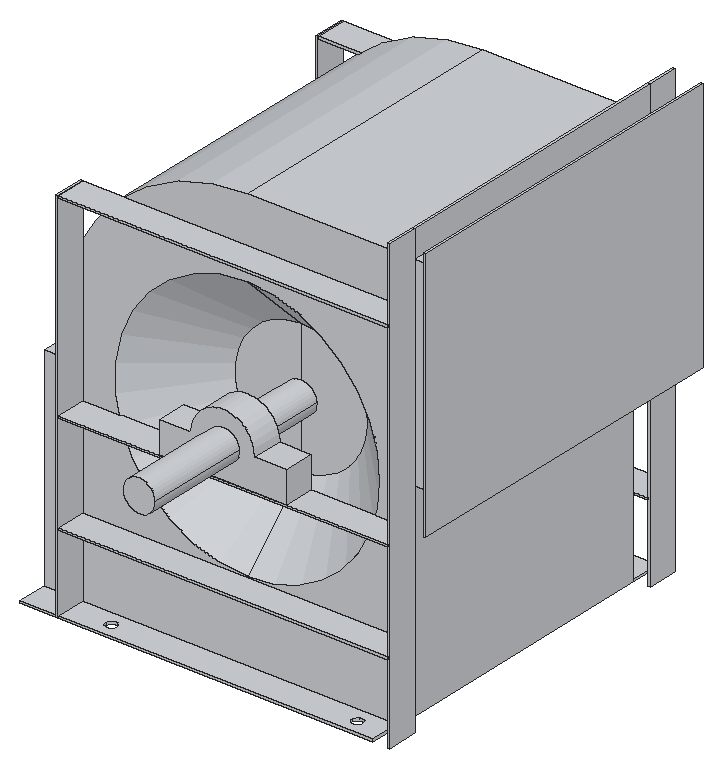
Revit family "CA_DWDI_CW_THD", category Mechanical Equipment, Revit 2019 (continued)
Types (61): name | X/2 | X | W/2 | W | V | U | T | S | R/2 | R+R | R | P-N-M | P-N | P | N | M/2 | M | L | K | J | INLET/2 | INLET | H | G/5*3 | G/10*3 | G-2.5" | G-(G/5*3) | G+((G/5*3)+2") | G | F-((D-A)/2) | F | E/2 | E | D/2 | D | B/2 | B+.25" | B | A/2 | A+.25" | A | Type Comments | -((B+.25")/2) | (M-(B+.25"))/2 | (G/5*3)+2" | ((B+.25")/2)
  270_CA-DWDI_CW_THD_CLASS_2 | 1' - 10 27/32" | 3' - 9 11/16" | 0' - 0 13/32" | 0' - 0 13/16" | 0' - 9" | 1' - 3" | 1' - 8 27/32" | 3' - 5 11/16" | 0' - 1 11/32" | 0' - 5 3/8" | 0' - 2 11/16" | 0' - 2 1/2" | -3' - 9 15/16" | 4' - 6 15/16" | 0' - 9" | 1' - 9 23/32" | 3' - 7 7/16" | 1' - 9 23/32" | 3' - 11" | 2' - 2 5/8" | 1' - 3 31/32" | 2' - 7 15/16" | 4' - 2" | 1' - 3 31/32" | 0' - 7 63/64" | 2' - 0 5/16" | 0' - 11 1/32" | 3' - 8 31/32" | 2' - 3" | 4' - 8 3/16" | 4' - 9 7/8" | 1' - 9 13/32" | 3' - 6 13/16" | 1' - 3 7/16" | 2' - 6 7/8" | 1' - 7 23/32" | 3' - 3 11/16" | 3' - 3 7/16" | 1' - 1 3/4" | 2' - 3 3/4" | 2' - 3 1/2" | "Airfoil Centrifugal Blower Clockwise Top Horizontal Arrangement 3 Class 2" | -1' - 7 27/32" | 0' - 1 7/8" | 1' - 5 31/32" | 1' - 7 27/32"
  270_CA-DWDI_CW_THD_CLASS_3 | 1' - 10 27/32" | 3' - 9 11/16" | 0' - 0 13/32" | 0' - 0 13/16" | 0' - 9" | 1' - 3" | 1' - 8 27/32" | 3' - 5 11/16" | 0' - 1 3/32" | 0' - 4 3/8" | 0' - 2 3/16" | 0' - 2 7/8" | -3' - 10 5/16" | 4' - 7 1/16" | 0' - 8 3/4" | 1' - 9 23/32" | 3' - 7 7/16" | 1' - 9 23/32" | 3' - 11" | 2' - 2 5/8" | 1' - 3 31/32" | 2' - 7 15/16" | 4' - 2" | 1' - 3 31/32" | 0' - 7 63/64" | 2' - 0 13/16" | 0' - 11 1/32" | 3' - 8 31/32" | 2' - 3" | 4' - 8 3/16" | 4' - 9 7/8" | 1' - 9 13/32" | 3' - 6 13/16" | 1' - 3 7/16" | 2' - 6 7/8" | 1' - 7 23/32" | 3' - 3 11/16" | 3' - 3 7/16" | 1' - 1 3/4" | 2' - 3 3/4" | 2' - 3 1/2" | "Airfoil Centrifugal Blower Clockwise Top Horizontal Arrangement 3 Class 3" | -1' - 7 27/32" | 0' - 1 7/8" | 1' - 5 31/32" | 1' - 7 27/32"
  300_CA-DWDI_CW_THD_CLASS_2 | 2' - 0 5/8" | 4' - 1 1/4" | 0' - 0 13/32" | 0' - 0 13/16" | 0' - 10" | 1' - 4 1/2" | 1' - 10 5/8" | 3' - 9 1/4" | 0' - 1 11/32" | 0' - 5 3/8" | 0' - 2 11/16" | 0' - 2 1/2" | -4' - 1 1/2" | 4' - 11" | 0' - 9 1/2" | 1' - 11 1/2" | 3' - 11" | 1' - 11 1/2" | 4' - 4" | 2' - 5 1/2" | 1' - 5 15/32" | 2' - 10 15/16" | 4' - 7 3/8" | 1' - 5 15/32" | 0' - 8 47/64" | 2' - 3 5/16" | 1' - 0 17/32" | 4' - 1 15/32" | 2' - 6" | 5' - 2 13/32" | 5' - 4 1/8" | 1' - 11 7/32" | 3' - 10 7/16" | 1' - 5 5/16" | 2' - 10 5/8" | 1' - 9 1/2" | 3' - 7 1/4" | 3' - 7" | 1' - 3 19/32" | 2' - 7 7/16" | 2' - 7 3/16" | "Airfoil Centrifugal Blower Clockwise Top Horizontal Arrangement 3 Class 2" | -1' - 9 5/8" | 0' - 1 7/8" | 1' - 7 15/32" | 1' - 9 5/8"
  300_CA-DWDI_CW_THD_CLASS_3 | 2' - 0 5/8" | 4' - 1 1/4" | 0' - 0 13/32" | 0' - 0 13/16" | 0' - 10" | 1' - 4 1/2" | 1' - 10 5/8" | 3' - 9 1/4" | 0' - 1 7/32" | 0' - 4 7/8" | 0' - 2 7/16" | 0' - 2 7/8" | -4' - 1 7/8" | 4' - 11 3/8" | 0' - 9 1/2" | 1' - 11 1/2" | 3' - 11" | 1' - 11 1/2" | 4' - 4" | 2' - 5 1/2" | 1' - 5 15/32" | 2' - 10 15/16" | 4' - 7 3/8" | 1' - 5 15/32" | 0' - 8 47/64" | 2' - 3 9/16" | 1' - 0 17/32" | 4' - 1 15/32" | 2' - 6" | 5' - 2 13/32" | 5' - 4 1/8" | 1' - 11 7/32" | 3' - 10 7/16" | 1' - 5 5/16" | 2' - 10 5/8" | 1' - 9 1/2" | 3' - 7 1/4" | 3' - 7" | 1' - 3 19/32" | 2' - 7 7/16" | 2' - 7 3/16" | "Airfoil Centrifugal Blower Clockwise Top Horizontal Arrangement 3 Class 3" | -1' - 9 5/8" | 0' - 1 7/8" | 1' - 7 15/32" | 1' - 9 5/8"
  330_CA-DWDI_CW_THD_CLASS_2 | 2' - 2 23/32" | 4' - 5 7/16" | 0' - 0 13/32" | 0' - 0 13/16" | 1' - 0" | 1' - 6" | 2' - 0 21/32" | 4' - 1 5/16" | 0' - 1 3/32" | 0' - 4 3/8" | 0' - 2 3/16" | 0' - 3" | -4' - 6 1/16" | 5' - 3 11/16" | 0' - 9 5/8" | 2' - 1 17/32" | 4' - 3 1/16" | 2' - 1 17/32" | 4' - 9" | 2' - 8 5/16" | 1' - 6 31/32" | 3' - 1 15/16" | 5' - 0 3/4" | 1' - 6 31/32" | 0' - 9 31/64" | 2' - 6 13/16" | 1' - 2 1/32" | 4' - 5 31/32" | 2' - 9" | 5' - 8 21/32" | 5' - 10 7/8" | 2' - 1 3/4" | 4' - 3 1/2" | 1' - 7 15/32" | 3' - 2 15/16" | 1' - 11 17/32" | 3' - 11 5/16" | 3' - 11 1/16" | 1' - 5 1/4" | 2' - 10 3/4" | 2' - 10 1/2" | "Airfoil Centrifugal Blower Clockwise Top Horizontal Arrangement 3 Class 2" | -1' - 11 21/32" | 0' - 1 7/8" | 1' - 8 31/32" | 1' - 11 21/32"
  330_CA-DWDI_CW_THD_CLASS_3 | 2' - 2 23/32" | 4' - 5 7/16" | 0' - 0 13/32" | 0' - 0 13/16" | 1' - 0" | 1' - 6" | 2' - 0 21/32" | 4' - 1 5/16" | 0' - 1 7/32" | 0' - 4 7/8" | 0' - 2 7/16" | 0' - 2 7/8" | -4' - 5 15/16" | 5' - 3 15/16" | 0' - 10" | 2' - 1 17/32" | 4' - 3 1/16" | 2' - 1 17/32" | 4' - 9" | 2' - 8 5/16" | 1' - 6 31/32" | 3' - 1 15/16" | 5' - 0 3/4" | 1' - 6 31/32" | 0' - 9 31/64" | 2' - 6 9/16" | 1' - 2 1/32" | 4' - 5 31/32" | 2' - 9" | 5' - 8 21/32" | 5' - 10 7/8" | 2' - 1 3/4" | 4' - 3 1/2" | 1' - 7 15/32" | 3' - 2 15/16" | 1' - 11 17/32" | 3' - 11 5/16" | 3' - 11 1/16" | 1' - 5 1/4" | 2' - 10 3/4" | 2' - 10 1/2" | "Airfoil Centrifugal Blower Clockwise Top Horizontal Arrangement 3 Class 3" | -1' - 11 21/32" | 0' - 1 7/8" | 1' - 8 31/32" | 1' - 11 21/32"
  365_CA-DWDI_CW_THD_CLASS_2 | 2' - 5 9/32" | 4' - 10 9/16" | 0' - 0 13/32" | 0' - 0 13/16" | 1' - 1" | 1' - 8" | 2' - 3 7/32" | 4' - 6 7/16" | 0' - 1 7/32" | 0' - 4 7/8" | 0' - 2 7/16" | 0' - 2 7/8" | -4' - 11 1/16" | 5' - 9 9/16" | 0' - 10 1/2" | 2' - 4 3/32" | 4' - 8 3/16" | 2' - 4 3/32" | 5' - 3" | 2' - 11 9/16" | 1' - 8 23/32" | 3' - 5 7/16" | 5' - 7" | 1' - 8 23/32" | 0' - 10 23/64" | 2' - 9 9/16" | 1' - 3 9/32" | 4' - 10 23/32" | 3' - 0" | 6' - 3 17/32" | 6' - 5 3/4" | 2' - 4 5/16" | 4' - 8 5/8" | 1' - 9 9/16" | 3' - 7 1/8" | 2' - 2 3/32" | 4' - 4 7/16" | 4' - 4 3/16" | 1' - 7 11/32" | 3' - 2 15/16" | 3' - 2 11/16" | "Airfoil Centrifugal Blower Clockwise Top Horizontal Arrangement 3 Class 2" | -2' - 2 7/32" | 0' - 1 7/8" | 1' - 10 23/32" | 2' - 2 7/32"
  365_CA-DWDI_CW_THD_CLASS_3 | 2' - 5 9/32" | 4' - 10 9/16" | 0' - 0 13/32" | 0' - 0 13/16" | 1' - 1" | 1' - 8" | 2' - 3 7/32" | 4' - 6 7/16" | 0' - 1 11/32" | 0' - 5 3/8" | 0' - 2 11/16" | 0' - 3 3/8" | -4' - 11 9/16" | 5' - 10 1/16" | 0' - 10 1/2" | 2' - 4 3/32" | 4' - 8 3/16" | 2' - 4 3/32" | 5' - 3" | 2' - 11 9/16" | 1' - 8 23/32" | 3' - 5 7/16" | 5' - 7" | 1' - 8 23/32" | 0' - 10 23/64" | 2' - 9 5/16" | 1' - 3 9/32" | 4' - 10 23/32" | 3' - 0" | 6' - 3 17/32" | 6' - 5 3/4" | 2' - 4 5/16" | 4' - 8 5/8" | 1' - 9 9/16" | 3' - 7 1/8" | 2' - 2 3/32" | 4' - 4 7/16" | 4' - 4 3/16" | 1' - 7 11/32" | 3' - 2 15/16" | 3' - 2 11/16" | "Airfoil Centrifugal Blower Clockwise Top Horizontal Arrangement 3 Class 3" | -2' - 2 7/32" | 0' - 1 7/8" | 1' - 10 23/32" | 2' - 2 7/32"
  402_CA-DWDI_CW_THD_CLASS_2 | 2' - 8 19/32" | 5' - 5 3/16" | 0' - 0 17/32" | 0' - 1 1/16" | 1' - 2" | 1' - 10" | 2' - 6 21/32" | 5' - 1 5/16" | 0' - 1 7/32" | 0' - 4 7/8" | 0' - 2 7/16" | 0' - 1 7/8" | -5' - 5 11/16" | 6' - 3 11/16" | 0' - 10" | 2' - 7 29/32" | 5' - 3 13/16" | 2' - 7 29/32" | 5' - 9" | 3' - 3 3/16" | 1' - 10 19/32" | 3' - 9 3/16" | 6' - 1 7/8" | 1' - 10 19/32" | 0' - 11 19/64" | 3' - 1 9/16" | 1' - 5 13/32" | 5' - 4 19/32" | 3' - 4" | 6' - 11 17/32" | 7' - 1 3/4" | 2' - 7 1/8" | 5' - 2 1/4" | 1' - 11 3/32" | 3' - 10 3/16" | 2' - 4 29/32" | 4' - 10 1/16" | 4' - 9 13/16" | 1' - 8 7/8" | 3' - 6" | 3' - 5 3/4" | "Airfoil Centrifugal Blower Clockwise Top Horizontal Arrangement 3 Class 2" | -2' - 5 1/32" | 0' - 2 7/8" | 2' - 0 19/32" | 2' - 5 1/32"
  402_CA-DWDI_CW_THD_CLASS_3 | 2' - 8 19/32" | 5' - 5 3/16" | 0' - 0 17/32" | 0' - 1 1/16" | 1' - 2" | 1' - 10" | 2' - 6 21/32" | 5' - 1 5/16" | 0' - 1 11/32" | 0' - 5 3/8" | 0' - 2 11/16" | 0' - 1 7/8" | -5' - 5 11/16" | 6' - 4 3/16" | 0' - 10 1/2" | 2' - 7 29/32" | 5' - 3 13/16" | 2' - 7 29/32" | 5' - 9" | 3' - 3 3/16" | 1' - 10 19/32" | 3' - 9 3/16" | 6' - 1 7/8" | 1' - 10 19/32" | 0' - 11 19/64" | 3' - 1 5/16" | 1' - 5 13/32" | 5' - 4 19/32" | 3' - 4" | 6' - 11 17/32" | 7' - 1 3/4" | 2' - 7 1/8" | 5' - 2 1/4" | 1' - 11 3/32" | 3' - 10 3/16" | 2' - 4 29/32" | 4' - 10 1/16" | 4' - 9 13/16" | 1' - 8 7/8" | 3' - 6" | 3' - 5 3/4" | "Airfoil Centrifugal Blower Clockwise Top Horizontal Arrangement 3 Class 3" | -2' - 5 1/32" | 0' - 2 7/8" | 2' - 0 19/32" | 2' - 5 1/32"
  445_CA-DWDI_CW_THD_CLASS_2 | 2' - 11 13/16" | 5' - 11 5/8" | 0' - 0 17/32" | 0' - 1 1/16" | 1' - 4" | 2' - 0" | 2' - 9 7/8" | 5' - 7 3/4" | 0' - 1 11/32" | 0' - 5 3/8" | 0' - 2 11/16" | 0' - 2 1/4" | -6' - 0 1/2" | 6' - 11 1/2" | 0' - 11" | 2' - 11 1/8" | 5' - 10 1/4" | 2' - 11 1/8" | 6' - 5" | 3' - 7 3/16" | 2' - 0 23/32" | 4' - 1 7/16" | 6' - 9 1/2" | 2' - 0 23/32" | 1' - 0 23/64" | 3' - 5 5/16" | 1' - 7 9/32" | 5' - 10 23/32" | 3' - 8" | 7' - 8 13/32" | 7' - 10 5/8" | 2' - 10 11/32" | 5' - 8 11/16" | 2' - 1 3/16" | 4' - 2 3/8" | 2' - 8 1/8" | 5' - 4 1/2" | 5' - 4 1/4" | 1' - 10 31/32" | 3' - 10 3/16" | 3' - 9 15/16" | "Airfoil Centrifugal Blower Clockwise Top Horizontal Arrangement 3 Class 2" | -2' - 8 1/4" | 0' - 2 7/8" | 2' - 2 23/32" | 2' - 8 1/4"
  445_CA-DWDI_CW_THD_CLASS_3 | 2' - 11 13/16" | 5' - 11 5/8" | 0' - 0 17/32" | 0' - 1 1/16" | 1' - 4" | 2' - 0" | 2' - 9 7/8" | 5' - 7 3/4" | 0' - 1 15/32" | 0' - 5 7/8" | 0' - 2 15/16" | 0' - 2 1/4" | -6' - 0 1/2" | 6' - 11 1/2" | 0' - 11" | 2' - 11 1/8" | 5' - 10 1/4" | 2' - 11 1/8" | 6' - 5" | 3' - 7 3/16" | 2' - 0 23/32" | 4' - 1 7/16" | 6' - 9 1/2" | 2' - 0 23/32" | 1' - 0 23/64" | 3' - 5 1/16" | 1' - 7 9/32" | 5' - 10 23/32" | 3' - 8" | 7' - 8 13/32" | 7' - 10 5/8" | 2' - 10 11/32" | 5' - 8 11/16" | 2' - 1 3/16" | 4' - 2 3/8" | 2' - 8 1/8" | 5' - 4 1/2" | 5' - 4 1/4" | 1' - 10 31/32" | 3' - 10 3/16" | 3' - 9 15/16" | "Airfoil Centrifugal Blower Clockwise Top Horizontal Arrangement 3 Class 3" | -2' - 8 1/4" | 0' - 2 7/8" | 2' - 2 23/32" | 2' - 8 1/4"
  490_CA-DWDI_CW_THD_CLASS_2 | 3' - 2 3/4" | 6' - 5 1/2" | 0' - 0 17/32" | 0' - 1 1/16" | 1' - 6" | 2' - 2 1/2" | 3' - 0 13/16" | 6' - 1 5/8" | 0' - 1 23/32" | 0' - 6 7/8" | 0' - 3 7/16" | 0' - 2 1/4" | -6' - 6 3/8" | 7' - 6 3/8" | 1' - 0" | 3' - 2 1/16" | 6' - 4 1/8" | 3' - 2 1/16" | 7' - 1" | 3' - 11 9/16" | 2' - 3 1/2" | 4' - 7" | 7' - 5 3/4" | 2' - 3 1/2" | 1' - 1 3/4" | 3' - 8 9/16" | 1' - 8 1/2" | 6' - 5 1/2" | 4' - 0" | 8' - 5 1/32" | 8' - 7 1/4" | 3' - 1 9/32" | 6' - 2 9/16" | 2' - 3 23/32" | 4' - 7 7/16" | 2' - 11 1/16" | 5' - 10 3/8" | 5' - 10 1/8" | 2' - 1 1/2" | 4' - 3 1/4" | 4' - 3" | "Airfoil Centrifugal Blower Clockwise Top Horizontal Arrangement 3 Class 2" | -2' - 11 3/16" | 0' - 2 7/8" | 2' - 5 1/2" | 2' - 11 3/16"
  490_CA-DWDI_CW_THD_CLASS_3 | 3' - 2 3/4" | 6' - 5 1/2" | 0' - 0 17/32" | 0' - 1 1/16" | 1' - 6" | 2' - 2 1/2" | 3' - 0 13/16" | 6' - 1 5/8" | 0' - 1 23/32" | 0' - 6 7/8" | 0' - 3 7/16" | 0' - 2 1/2" | -6' - 6 5/8" | 7' - 6 5/8" | 1' - 0" | 3' - 2 1/16" | 6' - 4 1/8" | 3' - 2 1/16" | 7' - 1" | 3' - 11 9/16" | 2' - 3 1/2" | 4' - 7" | 7' - 5 3/4" | 2' - 3 1/2" | 1' - 1 3/4" | 3' - 8 9/16" | 1' - 8 1/2" | 6' - 5 1/2" | 4' - 0" | 8' - 5 1/32" | 8' - 7 1/4" | 3' - 1 9/32" | 6' - 2 9/16" | 2' - 3 23/32" | 4' - 7 7/16" | 2' - 11 1/16" | 5' - 10 3/8" | 5' - 10 1/8" | 2' - 1 1/2" | 4' - 3 1/4" | 4' - 3" | "Airfoil Centrifugal Blower Clockwise Top Horizontal Arrangement 3 Class 3" | -2' - 11 3/16" | 0' - 2 7/8" | 2' - 5 1/2" | 2' - 11 3/16"
  540_CA-DWDI_CW_THD_CLASS_2 | 3' - 8 5/32" | 7' - 4 5/16" | 0' - 0 17/32" | 0' - 1 1/16" | 1' - 8" | 2' - 5" | 3' - 4 23/32" | 6' - 9 7/16" | 0' - 1 31/32" | 0' - 7 7/8" | 0' - 3 15/16" | 0' - 2 1/4" | -7' - 2 3/16" | 8' - 3 15/16" | 1' - 1 3/4" | 3' - 5 31/32" | 6' - 11 15/16" | 3' - 5 31/32" | 7' - 10" | 4' - 4 1/4" | 2' - 6" | 5' - 0" | 8' - 2 3/4" | 2' - 6" | 1' - 3" | 4' - 1 1/16" | 1' - 11" | 7' - 1" | 4' - 5" | 9' - 3 17/32" | 9' - 5 3/4" | 3' - 5 3/16" | 6' - 10 3/8" | 2' - 6 3/32" | 5' - 0 3/16" | 3' - 2 31/32" | 6' - 6 3/16" | 6' - 5 15/16" | 2' - 3 7/8" | 4' - 8" | 4' - 7 3/4" | "Airfoil Centrifugal Blower Clockwise Top Horizontal Arrangement 3 Class 2" | -3' - 3 3/32" | 0' - 2 7/8" | 2' - 8" | 3' - 3 3/32"
  540_CA-DWDI_CW_THD_CLASS_3 | 3' - 8 5/32" | 7' - 4 5/16" | 0' - 0 17/32" | 0' - 1 1/16" | 1' - 8" | 2' - 5" | 3' - 4 23/32" | 6' - 9 7/16" | 0' - 1 31/32" | 0' - 7 7/8" | 0' - 3 15/16" | 0' - 2 1/16" | -7' - 2" | 8' - 4 3/16" | 1' - 2 3/16" | 3' - 5 31/32" | 6' - 11 15/16" | 3' - 5 31/32" | 7' - 10" | 4' - 4 1/4" | 2' - 6" | 5' - 0" | 8' - 2 3/4" | 2' - 6" | 1' - 3" | 4' - 1 1/16" | 1' - 11" | 7' - 1" | 4' - 5" | 9' - 3 17/32" | 9' - 5 3/4" | 3' - 5 3/16" | 6' - 10 3/8" | 2' - 6 3/32" | 5' - 0 3/16" | 3' - 2 31/32" | 6' - 6 3/16" | 6' - 5 15/16" | 2' - 3 7/8" | 4' - 8" | 4' - 7 3/4" | "Airfoil Centrifugal Blower Clockwise Top Horizontal Arrangement 3 Class 3" | -3' - 3 3/32" | 0' - 2 7/8" | 2' - 8" | 3' - 3 3/32"
  600_CA-DWDI_CW_THD_CLASS_2 | 4' - 0 5/16" | 8' - 0 5/8" | 0' - 0 17/32" | 0' - 1 1/16" | 1' - 10" | 2' - 8" | 3' - 8 7/8" | 7' - 5 3/4" | 0' - 1 31/32" | 0' - 7 7/8" | 0' - 3 15/16" | 0' - 2 1/4" | -7' - 10 1/2" | 9' - 0 3/4" | 1' - 2 1/4" | 3' - 10 1/8" | 7' - 8 1/4" | 3' - 10 1/8" | 8' - 9" | 4' - 9 15/16" | 2' - 9" | 5' - 6" | 9' - 1 5/8" | 2' - 9" | 1' - 4 1/2" | 4' - 7 1/16" | 2' - 2" | 7' - 10" | 4' - 11" | 10' - 4 1/32" | 10' - 6 1/4" | 3' - 9 11/32" | 7' - 6 11/16" | 2' - 9 5/16" | 5' - 6 5/8" | 3' - 7 1/8" | 7' - 2 1/2" | 7' - 2 1/4" | 2' - 7 3/32" | 5' - 2 7/16" | 5' - 2 3/16" | "Airfoil Centrifugal Blower Clockwise Top Horizontal Arrangement 3 Class 2" | -3' - 7 1/4" | 0' - 2 7/8" | 2' - 11" | 3' - 7 1/4"
  600_CA-DWDI_CW_THD_CLASS_3 | 4' - 0 5/16" | 8' - 0 5/8" | 0' - 0 17/32" | 0' - 1 1/16" | 1' - 10" | 2' - 8" | 3' - 8 7/8" | 7' - 5 3/4" | 0' - 2 7/32" | 0' - 8 7/8" | 0' - 4 7/16" | 0' - 3 3/4" | -8' - 0" | 9' - 2 3/4" | 1' - 2 3/4" | 3' - 10 1/8" | 7' - 8 1/4" | 3' - 10 1/8" | 8' - 9" | 4' - 9 15/16" | 2' - 9" | 5' - 6" | 9' - 1 5/8" | 2' - 9" | 1' - 4 1/2" | 4' - 6 9/16" | 2' - 2" | 7' - 10" | 4' - 11" | 10' - 4 1/32" | 10' - 6 1/4" | 3' - 9 11/32" | 7' - 6 11/16" | 2' - 9 5/16" | 5' - 6 5/8" | 3' - 7 1/8" | 7' - 2 1/2" | 7' - 2 1/4" | 2' - 7 3/32" | 5' - 2 7/16" | 5' - 2 3/16" | "Airfoil Centrifugal Blower Clockwise Top Horizontal Arrangement 3 Class 3" | -3' - 7 1/4" | 0' - 2 7/8" | 2' - 11" | 3' - 7 1/4"
  660_CA-DWDI_CW_THD_CLASS_2 | 4' - 4 5/8" | 8' - 9 1/4" | 0' - 0 17/32" | 0' - 1 1/16" | 2' - 1" | 2' - 11" | 4' - 1 3/16" | 8' - 2 3/8" | 0' - 2 7/32" | 0' - 8 7/8" | 0' - 4 7/16" | 0' - 2 7/16" | -8' - 7 5/16" | 9' - 10 5/8" | 1' - 3 5/16" | 4' - 2 7/16" | 8' - 4 7/8" | 4' - 2 7/16" | 9' - 8" | 5' - 3 3/4" | 3' - 0" | 6' - 0" | 10' - 0 5/8" | 3' - 0" | 1' - 6" | 5' - 0 9/16" | 2' - 5" | 8' - 7" | 5' - 5" | 11' - 4 17/32" | 11' - 6 3/4" | 4' - 1 21/32" | 8' - 3 5/16" | 3' - 0 7/16" | 6' - 0 7/8" | 3' - 11 7/16" | 7' - 11 1/8" | 7' - 10 7/8" | 2' - 10 7/32" | 5' - 8 11/16" | 5' - 8 7/16" | "Airfoil Centrifugal Blower Clockwise Top Horizontal Arrangement 3 Class 2" | -3' - 11 9/16" | 0' - 2 7/8" | 3' - 2" | 3' - 11 9/16"
  660_CA-DWDI_CW_THD_CLASS_3 | 4' - 4 5/8" | 8' - 9 1/4" | 0' - 0 17/32" | 0' - 1 1/16" | 2' - 1" | 2' - 11" | 4' - 1 3/16" | 8' - 2 3/8" | 0' - 2 7/32" | 0' - 8 7/8" | 0' - 4 7/16" | 0' - 4 3/8" | -8' - 9 1/4" | 9' - 11 7/8" | 1' - 2 5/8" | 4' - 2 7/16" | 8' - 4 7/8" | 4' - 2 7/16" | 9' - 8" | 5' - 3 3/4" | 3' - 0" | 6' - 0" | 10' - 0 5/8" | 3' - 0" | 1' - 6" | 5' - 0 9/16" | 2' - 5" | 8' - 7" | 5' - 5" | 11' - 4 17/32" | 11' - 6 3/4" | 4' - 1 21/32" | 8' - 3 5/16" | 3' - 0 7/16" | 6' - 0 7/8" | 3' - 11 7/16" | 7' - 11 1/8" | 7' - 10 7/8" | 2' - 10 7/32" | 5' - 8 11/16" | 5' - 8 7/16" | "Airfoil Centrifugal Blower Clockwise Top Horizontal Arrangement 3 Class 3" | -3' - 11 9/16" | 0' - 2 7/8" | 3' - 2" | 3' - 11 9/16"
  730 _CA-DWDI_CW_THD_CLASS_2 | 4' - 9 9/16" | 9' - 7 1/8" | 0' - 0 17/32" | 0' - 1 1/16" | 2' - 4" | 3' - 2 1/2" | 4' - 6 1/8" | 9' - 0 1/4" | 0' - 2 7/32" | 0' - 8 7/8" | 0' - 4 7/16" | 0' - 3 3/4" | -9' - 6 1/2" | 10' - 10 3/4" | 1' - 4 1/4" | 4' - 7 3/8" | 9' - 2 3/4" | 4' - 7 3/8" | 10' - 9" | 5' - 10 3/8" | 3' - 3 1/2" | 6' - 7" | 11' - 1 1/4" | 3' - 3 1/2" | 1' - 7 3/4" | 5' - 7 9/16" | 2' - 8 1/2" | 9' - 5 1/2" | 6' - 0" | 12' - 7 5/32" | 12' - 9 3/8" | 4' - 6 19/32" | 9' - 1 3/16" | 3' - 4 1/8" | 6' - 8 1/4" | 4' - 4 3/8" | 8' - 9" | 8' - 8 3/4" | 3' - 1 29/32" | 6' - 4 1/16" | 6' - 3 13/16" | "Airfoil Centrifugal Blower Clockwise Top Horizontal Arrangement 3 Class 2" | -4' - 4 1/2" | 0' - 2 7/8" | 3' - 5 1/2" | 4' - 4 1/2"
  730 _CA-DWDI_CW_THD_CLASS_3 | 4' - 9 9/16" | 9' - 7 1/8" | 0' - 0 17/32" | 0' - 1 1/16" | 2' - 4" | 3' - 2 1/2" | 4' - 6 1/8" | 9' - 0 1/4" | 0' - 2 15/32" | 0' - 9 7/8" | 0' - 4 15/16" | 0' - 3 3/4" | -9' - 6 1/2" | 10' - 11 1/4" | 1' - 4 3/4" | 4' - 7 3/8" | 9' - 2 3/4" | 4' - 7 3/8" | 10' - 9" | 5' - 10 3/8" | 3' - 3 1/2" | 6' - 7" | 11' - 1 1/4" | 3' - 3 1/2" | 1' - 7 3/4" | 5' - 7 1/16" | 2' - 8 1/2" | 9' - 5 1/2" | 6' - 0" | 12' - 7 5/32" | 12' - 9 3/8" | 4' - 6 19/32" | 9' - 1 3/16" | 3' - 4 1/8" | 6' - 8 1/4" | 4' - 4 3/8" | 8' - 9" | 8' - 8 3/4" | 3' - 1 29/32" | 6' - 4 1/16" | 6' - 3 13/16" | "Airfoil Centrifugal Blower Clockwise Top Horizontal Arrangement 3 Class 3" | -4' - 4 1/2" | 0' - 2 7/8" | 3' - 5 1/2" | 4' - 4 1/2"
